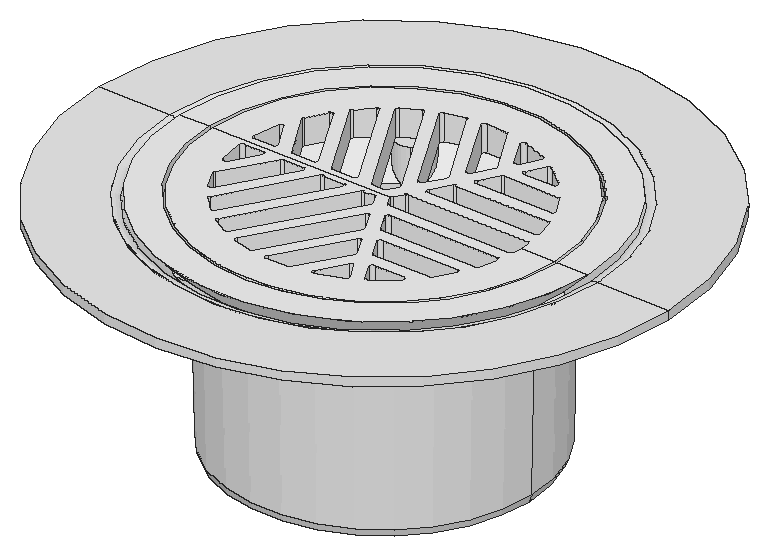
Revit family "5000.141 VC COB HF BE100", category Plumbing Fixtures, Revit 2016
Family settings
  Part Type = Normal
  Round Connector Dimension = Use Diameter
  Work Plane-Based = No
  Always vertical = Yes
  Cut with Voids When Loaded = No
  Shared = No
  Room Calculation Point = No
Parameters (values of type "5000.141")
  Waste Connection = yes
  Vent Connection = no
  URL = "www.aquaknight.co.nz"
  Phone = "+6498322214"  # constant formula
  Model = "VC COB HF BE100 – 5000.141"
  Manufacturer = "Aquanight Industries Ltd"  # constant formula
  HW Connection = no
  Email = "info@aquaknight.co.nz"  # constant formula
  Description = "DWV100 Free-form vinyl floor with round chrome lid"
  CW Connection = no
Reference planes
  plane 1 "Center (Front/Back)": y = 0
  plane 2: z = 0
  plane 3 "Center (Left/Right)": x = 0
Forms (mm)
  Revolve 1, solid, material "PVC-Piping"
    sketch origin (-2.137, 0, 1.044) x (1, 0, 0) y (0, 0, 1)
      loop
        line (-71.182, -4.044) -> (-49.96, -25.07) -> (-48.948, -74.657) -> (-48.063, -76.946) -> (-46.162, -76.946) -> (-47.226, -23.769) -> (-68.816, -2.178)
        arc (-68.816, -2.178) -> (-70.073, -1.339) -> (-71.556, -1.044) r 3.874
        line (-71.556, -1.044) -> (-96.119, -1.044) -> (-96.119, -4.044) -> (-71.182, -4.044)
      axis (2.137, -1.044) -> (2.137, -76.946)
    angle from 0 to 360
  Revolve 2, solid, material "Steel, Chrome Plated"
    sketch origin (0, 0, 1.044) x (1, 0, 0) y (0, 0, 1)
      loop
        line (-61.521, -8.523) -> (0, -8.523) -> (0, 0.256) -> (-58.963, 0.256) -> (-59.977, -4.463) -> (-59.977, 0.256) -> (-70.299, 0.256) -> (-61.521, -8.523)
      axis (0, 0.256) -> (0, -8.523)
    angle from 0 to 360
  Extrusion 3, void
    sketch origin (0, 0, 5.044) x (0, 1, 0) y (-1, 0, 0)
      loop
        line (2, 46.403) -> (2, 39.952)
        arc (2, 39.952) -> (2.5, 39.086) -> (3.5, 39.086) r 1
        line (3.5, 39.086) -> (12.234, 44.129)
        arc (12.234, 44.129) -> (12.725, 45.129) -> (11.987, 45.963) r 1
        arc (11.987, 45.963) -> (7.56, 46.895) -> (3.065, 47.401) r 47.5
        arc (3.065, 47.401) -> (2.316, 47.133) -> (2, 46.403) r 1
      loop
        arc (2.5, 33.852) -> (2.134, 33.486) -> (2, 32.986) r 1
        line (2, 32.986) -> (2, 26.058)
        arc (2, 26.058) -> (2.5, 25.192) -> (3.5, 25.192) r 1
        line (3.5, 25.192) -> (25.867, 38.105)
        arc (25.867, 38.105) -> (26.367, 38.945) -> (25.913, 39.809) r 1
        arc (25.913, 39.809) -> (22.834, 41.652) -> (19.625, 43.256) r 47.5
        arc (19.625, 43.256) -> (19.163, 43.344) -> (18.711, 43.211) r 1
        line (18.711, 43.211) -> (2.5, 33.852)
      loop
        arc (2.5, 19.957) -> (2.134, 19.591) -> (2, 19.091) r 1
        line (2, 19.091) -> (2, 12.163)
        arc (2, 12.163) -> (2.5, 11.297) -> (3.5, 11.297) r 1
        line (3.5, 11.297) -> (35.486, 29.764)
        arc (35.486, 29.764) -> (35.973, 30.467) -> (35.739, 31.289) r 1
        arc (35.739, 31.289) -> (33.569, 33.606) -> (31.249, 35.774) r 47.5
        arc (31.249, 35.774) -> (30.687, 36.016) -> (30.09, 35.886) r 1
        line (30.09, 35.886) -> (2.5, 19.957)
      loop
        arc (2.5, 6.062) -> (2.134, 5.696) -> (2, 5.196) r 1
        line (2, 5.196) -> (2, 1.732)
        arc (2, 1.732) -> (2.134, 1.232) -> (2.5, 0.866) r 1
        line (2.5, 0.866) -> (5.5, -0.866)
        arc (5.5, -0.866) -> (6, -1) -> (6.5, -0.866) r 1
        line (6.5, -0.866) -> (42.186, 19.737)
        arc (42.186, 19.737) -> (42.643, 20.314) -> (42.583, 21.047) r 1
        arc (42.583, 21.047) -> (41.136, 23.75) -> (39.518, 26.354) r 47.5
        arc (39.518, 26.354) -> (38.913, 26.774) -> (38.185, 26.665) r 1
        line (38.185, 26.665) -> (2.5, 6.062)
      loop
        arc (11.533, -2.617) -> (11.033, -3.483) -> (11.533, -4.349) r 1
        line (11.533, -4.349) -> (17.533, -7.813)
        arc (17.533, -7.813) -> (18.033, -7.947) -> (18.533, -7.813) r 1
        line (18.533, -7.813) -> (46.124, 8.116)
        arc (46.124, 8.116) -> (46.535, 8.569) -> (46.605, 9.175) r 1
        arc (46.605, 9.175) -> (45.888, 12.268) -> (44.966, 15.306) r 47.5
        arc (44.966, 15.306) -> (44.371, 15.92) -> (43.52, 15.85) r 1
        line (43.52, 15.85) -> (11.533, -2.617)
      loop
        arc (23.566, -9.565) -> (23.066, -10.431) -> (23.567, -11.297) r 1
        line (23.567, -11.297) -> (29.566, -14.761)
        arc (29.566, -14.761) -> (30.066, -14.895) -> (30.566, -14.761) r 1
        line (30.566, -14.761) -> (46.778, -5.401)
        arc (46.778, -5.401) -> (47.119, -5.077) -> (47.274, -4.632) r 1
        arc (47.274, -4.632) -> (47.488, -1.051) -> (47.432, 2.536) r 47.5
        arc (47.432, 2.536) -> (46.911, 3.362) -> (45.935, 3.35) r 1
        line (45.935, 3.35) -> (23.566, -9.565)
      loop
        arc (35.601, -16.511) -> (35.1, -17.378) -> (35.601, -18.245) r 1
        line (35.601, -18.245) -> (41.186, -21.47)
        arc (41.186, -21.47) -> (41.976, -21.561) -> (42.583, -21.047) r 1
        arc (42.583, -21.047) -> (44.392, -16.9) -> (45.798, -12.601) r 47.5
        arc (45.798, -12.601) -> (45.445, -11.544) -> (44.334, -11.469) r 1
        line (44.334, -11.469) -> (35.601, -16.511)
      loop
        line (39.186, -24.934) -> (33.6, -21.708)
        arc (33.6, -21.708) -> (32.6, -21.708) -> (32.1, -22.574) r 1
        line (32.1, -22.574) -> (32.1, -32.66)
        arc (32.1, -32.66) -> (32.72, -33.585) -> (33.812, -33.362) r 1
        arc (33.812, -33.362) -> (36.832, -29.994) -> (39.518, -26.354) r 47.5
        arc (39.518, -26.354) -> (39.66, -25.572) -> (39.186, -24.934) r 1
      loop
        arc (28.066, -19.091) -> (27.933, -18.591) -> (27.566, -18.225) r 1
        line (27.566, -18.225) -> (21.566, -14.761)
        arc (21.566, -14.761) -> (20.566, -14.761) -> (20.066, -15.627) r 1
        line (20.066, -15.627) -> (20.066, -41.454)
        arc (20.066, -41.454) -> (20.544, -42.307) -> (21.52, -42.346) r 1
        arc (21.52, -42.346) -> (24.654, -40.601) -> (27.649, -38.624) r 47.5
        arc (27.649, -38.624) -> (27.956, -38.268) -> (28.066, -37.81) r 1
        line (28.066, -37.81) -> (28.066, -19.091)
      loop
        arc (16.033, -12.144) -> (15.899, -11.644) -> (15.533, -11.278) r 1
        line (15.533, -11.278) -> (9.533, -7.813)
        arc (9.533, -7.813) -> (8.533, -7.813) -> (8.033, -8.679) r 1
        line (8.033, -8.679) -> (8.033, -45.614)
        arc (8.033, -45.614) -> (8.399, -46.387) -> (9.228, -46.595) r 1
        arc (9.228, -46.595) -> (12.32, -45.875) -> (15.357, -44.949) r 47.5
        arc (15.357, -44.949) -> (15.847, -44.584) -> (16.033, -44.001) r 1
        line (16.033, -44.001) -> (16.033, -12.144)
      loop
        arc (4, -5.196) -> (3.866, -4.696) -> (3.5, -4.33) r 1
        line (3.5, -4.33) -> (0.5, -2.598)
        arc (0.5, -2.598) -> (0, -2.464) -> (-0.5, -2.598) r 1
        line (-0.5, -2.598) -> (-3.5, -4.33)
        arc (-3.5, -4.33) -> (-3.866, -4.696) -> (-4, -5.196) r 1
        line (-4, -5.196) -> (-4, -46.403)
        arc (-4, -46.403) -> (-3.73, -47.087) -> (-3.065, -47.401) r 1
        arc (-3.065, -47.401) -> (0, -47.5) -> (3.065, -47.401) r 47.5
        arc (3.065, -47.401) -> (3.73, -47.087) -> (4, -46.402) r 1
        line (4, -46.402) -> (4, -5.196)
      loop
        arc (-8.033, -8.679) -> (-8.533, -7.813) -> (-9.533, -7.813) r 1
        line (-9.533, -7.813) -> (-15.533, -11.278)
        arc (-15.533, -11.278) -> (-15.899, -11.644) -> (-16.033, -12.144) r 1
        line (-16.033, -12.144) -> (-16.033, -44.003)
        arc (-16.033, -44.003) -> (-15.847, -44.585) -> (-15.357, -44.949) r 1
        arc (-15.357, -44.949) -> (-12.32, -45.875) -> (-9.228, -46.595) r 47.5
        arc (-9.228, -46.595) -> (-8.399, -46.387) -> (-8.033, -45.614) r 1
        line (-8.033, -45.614) -> (-8.033, -8.679)
      loop
        arc (-20.066, -15.627) -> (-20.567, -14.761) -> (-21.567, -14.761) r 1
        line (-21.567, -14.761) -> (-27.566, -18.225)
        arc (-27.566, -18.225) -> (-27.933, -18.591) -> (-28.066, -19.091) r 1
        line (-28.066, -19.091) -> (-28.066, -37.811)
        arc (-28.066, -37.811) -> (-27.956, -38.268) -> (-27.649, -38.624) r 1
        arc (-27.649, -38.624) -> (-24.654, -40.601) -> (-21.52, -42.346) r 47.5
        arc (-21.52, -42.346) -> (-20.544, -42.307) -> (-20.066, -41.455) r 1
        line (-20.066, -41.455) -> (-20.066, -15.627)
      loop
        arc (-32.1, -22.576) -> (-32.6, -21.708) -> (-33.601, -21.709) r 1
        line (-33.601, -21.709) -> (-39.186, -24.934)
        arc (-39.186, -24.934) -> (-39.66, -25.572) -> (-39.518, -26.354) r 1
        arc (-39.518, -26.354) -> (-36.832, -29.994) -> (-33.812, -33.362) r 47.5
        arc (-33.812, -33.362) -> (-32.72, -33.585) -> (-32.1, -32.66) r 1
        line (-32.1, -32.66) -> (-32.1, -22.576)
      loop
        arc (-3.5, 39.086) -> (-2.5, 39.086) -> (-2, 39.952) r 1
        line (-2, 39.952) -> (-2, 46.403)
        arc (-2, 46.403) -> (-2.316, 47.133) -> (-3.065, 47.401) r 1
        arc (-3.065, 47.401) -> (-7.56, 46.895) -> (-11.987, 45.963) r 47.5
        arc (-11.987, 45.963) -> (-12.725, 45.129) -> (-12.234, 44.129) r 1
        line (-12.234, 44.129) -> (-3.5, 39.086)
      loop
        arc (-3.5, 25.192) -> (-2.5, 25.192) -> (-2, 26.058) r 1
        line (-2, 26.058) -> (-2, 32.986)
        arc (-2, 32.986) -> (-2.134, 33.486) -> (-2.5, 33.852) r 1
        line (-2.5, 33.852) -> (-18.711, 43.211)
        arc (-18.711, 43.211) -> (-19.163, 43.344) -> (-19.625, 43.256) r 1
        arc (-19.625, 43.256) -> (-22.834, 41.652) -> (-25.913, 39.809) r 47.5
        arc (-25.913, 39.809) -> (-26.367, 38.945) -> (-25.867, 38.105) r 1
        line (-25.867, 38.105) -> (-3.5, 25.192)
      loop
        arc (-3.5, 11.297) -> (-2.5, 11.297) -> (-2, 12.163) r 1
        line (-2, 12.163) -> (-2, 19.091)
        arc (-2, 19.091) -> (-2.134, 19.591) -> (-2.5, 19.957) r 1
        line (-2.5, 19.957) -> (-30.09, 35.886)
        arc (-30.09, 35.886) -> (-30.687, 36.016) -> (-31.249, 35.774) r 1
        arc (-31.249, 35.774) -> (-33.569, 33.606) -> (-35.739, 31.289) r 47.5
        arc (-35.739, 31.289) -> (-35.973, 30.467) -> (-35.486, 29.764) r 1
        line (-35.486, 29.764) -> (-3.5, 11.297)
      loop
        line (-2.5, 6.062) -> (-38.185, 26.665)
        arc (-38.185, 26.665) -> (-38.913, 26.774) -> (-39.518, 26.354) r 1
        arc (-39.518, 26.354) -> (-41.136, 23.75) -> (-42.583, 21.047) r 47.5
        arc (-42.583, 21.047) -> (-42.643, 20.314) -> (-42.186, 19.737) r 1
        line (-42.186, 19.737) -> (-6.5, -0.866)
        arc (-6.5, -0.866) -> (-6, -1) -> (-5.5, -0.866) r 1
        line (-5.5, -0.866) -> (-2.5, 0.866)
        arc (-2.5, 0.866) -> (-2.134, 1.232) -> (-2, 1.732) r 1
        line (-2, 1.732) -> (-2, 5.196)
        arc (-2, 5.196) -> (-2.134, 5.696) -> (-2.5, 6.062) r 1
      loop
        line (-11.533, -2.617) -> (-43.52, 15.85)
        arc (-43.52, 15.85) -> (-44.371, 15.92) -> (-44.966, 15.306) r 1
        arc (-44.966, 15.306) -> (-45.888, 12.268) -> (-46.605, 9.175) r 47.5
        arc (-46.605, 9.175) -> (-46.535, 8.569) -> (-46.124, 8.116) r 1
        line (-46.124, 8.116) -> (-18.533, -7.813)
        arc (-18.533, -7.813) -> (-18.033, -7.947) -> (-17.533, -7.813) r 1
        line (-17.533, -7.813) -> (-11.533, -4.349)
        arc (-11.533, -4.349) -> (-11.033, -3.483) -> (-11.533, -2.617) r 1
      loop
        line (-23.566, -9.565) -> (-45.935, 3.35)
        arc (-45.935, 3.35) -> (-46.911, 3.362) -> (-47.432, 2.536) r 1
        arc (-47.432, 2.536) -> (-47.488, -1.051) -> (-47.274, -4.632) r 47.5
        arc (-47.274, -4.632) -> (-47.119, -5.077) -> (-46.778, -5.401) r 1
        line (-46.778, -5.401) -> (-30.566, -14.761)
        arc (-30.566, -14.761) -> (-30.066, -14.895) -> (-29.566, -14.761) r 1
        line (-29.566, -14.761) -> (-23.567, -11.297)
        arc (-23.567, -11.297) -> (-23.066, -10.431) -> (-23.566, -9.565) r 1
      loop
        line (-35.601, -16.511) -> (-44.334, -11.469)
        arc (-44.334, -11.469) -> (-45.445, -11.544) -> (-45.798, -12.601) r 1
        arc (-45.798, -12.601) -> (-44.392, -16.9) -> (-42.583, -21.047) r 47.5
        arc (-42.583, -21.047) -> (-41.976, -21.561) -> (-41.186, -21.47) r 1
        line (-41.186, -21.47) -> (-35.601, -18.245)
        arc (-35.601, -18.245) -> (-35.1, -17.378) -> (-35.601, -16.511) r 1
    from -20.5 to 49.173
  Extrusion 4, solid, material "PVC-Piping", detail levels fine
    sketch origin (13.125, 0, 4) x (0, 1, 0) y (-1, 0, 0)
      loop
        circle (0, -41.383) r 6.265
    from -29.926 to -14.969
  Extrusion 5, solid, material "PVC-Piping", detail levels fine
    sketch origin (-6.563, -11.367, 4) x (0.866025, -0.5, 0) y (0.5, 0.866025, 0)
      loop
        circle (0, -41.383) r 6.265
    from -29.926 to -14.969
  Extrusion 6, solid, material "PVC-Piping", detail levels fine
    sketch origin (-6.563, 11.367, 4) x (-0.866025, -0.5, 0) y (0.5, -0.866025, 0)
      loop
        circle (0, -41.383) r 6.265
    from -29.926 to -14.969
Cuts and joins
  Extrusion 3 cuts Revolve 2
Lines and regions (mm)
  model lines, detail levels fine
    curve 1: circle (-62.844, 62.948, 0) r 3.15 normal (0, 0, 1)
    curve 2: circle (62.844, 62.948, 0) r 3.15 normal (0, 0, -1)
    curve 3: circle (-62.844, -62.948, 0) r 3.15 normal (0, 0, -1)
    curve 4: circle (62.844, -62.948, 0) r 3.15 normal (0, 0, 1)
Dimensions and locks
  aligned and locked: level to plane 2
  aligned and locked: Revolve 2 sketch curve to plane 3 "Center (Left/Right)"
Connectors
  piping at (0, 0, -75.903), diameter 100
    settings: on Revolve 1, index 1, connector inside diameter 609.6 mm, connector length 0 mm, flow factor 0, pipe flow 0.0 L/s, pressure drop 0.0 Pa, fitting loss kfactor 0, connector angle 0.00°, fixture units 0, engagement length 0 mm, angle of deflection 0.00°, flow configuration 0, flow direction 0, fitting loss method 0, system type 28, joint type 0, gender type 0, connector reference index -1, connector utility 0, adjustable connector no, is connector primary yes, connector description ""
